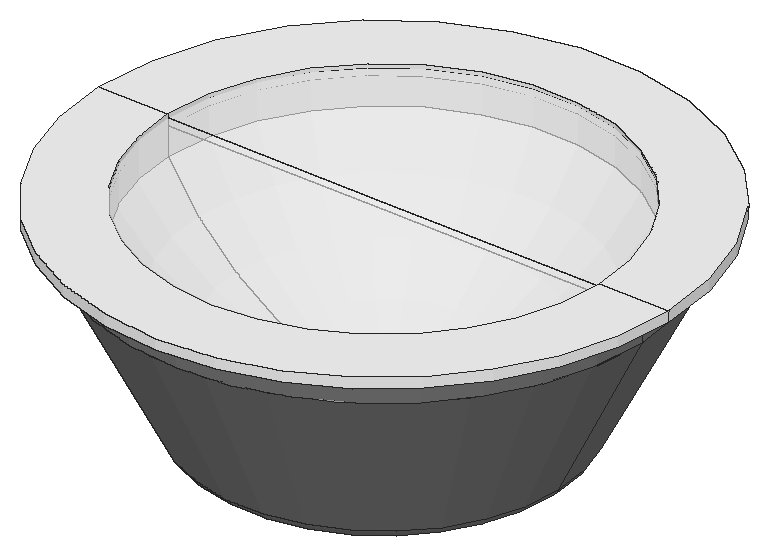
Revit family "30533", category Lighting Fixtures, host Face, Revit 2018
Family settings
  Host = Face
  Round Connector Dimension = Use Diameter
  Part Type = Normal
  OmniClass Number = 23.80.70.00
  OmniClass Title = Lighting
  Cut with Voids When Loaded = No
  Light Source = Yes
  Shared = No
  Room Calculation Point = No
Parameters (values of type "0030533 INSAVER SL IP65 225 MULTI4150-4950840")
  WidthBezel_SYL = if(Size1_SYL, 20 mm, if(Size2_SYL, 20 mm, if(Size3PIR_SYL, 30 mm, if(Size4_SYL, 20 mm, 20 mm))))  # 20 mm
  Weight = "n/a"
  Wattage Comments = ""
  Wattage = 12 W
  WarrantyStartDate [instance] = "n/a"
  WarrantyGuarantorParts = "n/a"
  WarrantyDurationUnit = "n/a"
  WarrantyDurationParts = ""
  WarrantyDescription = "http://www.sylvania-lighting.com"
  built-in parameter 1150110 = 1 (stored number, unit not read)
  Voltage = 230 V
  VisibilityPIR_SYL = Size3PIR_SYL  # no
  URL = "0.9"
  TypeName = "Insaver Slim IP65 225 Multi4150-4950lm 840"
  Type Image = <None>
  Type Comments = "n/a"
  built-in parameter 1114217 = 1 (stored number, unit not read)
  Tilt Angle = -90.00°
  built-in parameter 1150109 = 1 (stored number, unit not read)
  built-in parameter 1150134 = (empty or 0)
  built-in parameter 1150113 = 1 (stored number, unit not read)
  Size4_SYL = no
  Size3PIR_SYL = no
  Size2_SYL = no
  Size1_SYL = yes
  SerialNumber [instance] = "n/a"
  RadiusTop_SYL = 6 mm
  RadiusReflector_SYL = if(Size1_SYL, 85 mm, if(Size2_SYL, 85 mm, if(Size3PIR_SYL, 85 mm, if(Size4_SYL, 100 mm, 120 mm))))  # 85 mm
  Photometric Web File = "0030533.IES"
  Material_3_FEILO = Top-Sylvania-STARTDownlight
  PowerFactor = 0.9
  PowerConsumption = "Lighting"
  NominalLength = 165 mm
  NominalHeight = 50 mm
  NominalDepth = 165 mm
  Name = "Insaver Slim IP65 225 Multi4150-4950lm 840"
  ModelReference = Name  # "Insaver Slim IP65 225 Multi4150-4950lm 840"
  ModelNumber = "0030533"
  Model = Name  # "Insaver Slim IP65 225 Multi4150-4950lm 840"
  Material = "Feilo Sylvania"
  ManufacturerName = "121 lm/W"
  Manufacturer = ""
  LuminousEfficacy = ""
  built-in parameter 1150105 = 31.446 (stored number, unit not read)
  Lumens = 395.16 lm
  LuminaireType = "0"
  built-in parameter 1150115 = 1 (stored number, unit not read)
  LightOutputRatio = "LED"
  built-in parameter 1150137 = (empty or 0)
  built-in parameter 1150139 = (empty or 0)
  LampsType = Lamp  # "n/a"
  LampNominalLuminous = "4000 K"
  LampMacAdamStep = "80"
  LampColourTemperature = "LED"
  LampColourRenderingIndex = "16500"
  built-in parameter 1150112 = 1 (stored number, unit not read)
  built-in parameter 1150114 = 1 (stored number, unit not read)
  Lamp = "n/a"
  Keynote = "n/a"
  InstallationDate [instance] = "n/a"
  InputVoltage = "0"
  InputNominalFrequency = "4000"
  built-in parameter 1150132 = (empty or 0)
  built-in parameter 1150102 = (empty or 0)
  built-in parameter 1150107 = 3000 (stored number, unit not read)
  built-in parameter 1150138 = (empty or 0)
  IngressProtection = "IfcLightFixtureType"
  ImpactProtectionIndex = "IfcLightFixtureType"
  built-in parameter 1150106 = 0.31446 (stored number, unit not read)
  IfcExportType = "IfcLightFixtureType"
  IfcExportAs = "Class II"
  Height_SYL = if(Size1_SYL, 61 mm, if(Size2_SYL, 61 mm, if(Size3PIR_SYL, 61 mm, if(Size4_SYL, 61 mm, 60 mm))))  # 61 mm
  HeightBezel_SYL = if(Size1_SYL, 3 mm, if(Size2_SYL, 3 mm, if(Size3PIR_SYL, 3 mm, if(Size4_SYL, 3.2 mm, 3 mm))))  # 3 mm
  ExpectedLife = 50000
  Emit from Circle Diameter = Diameter_SYL - 40 mm  # 125 mm
  Emit Shape Visible in Rendering = no
  ElectricShockClassification = "121"
  built-in parameter 1150104 = 3.0593 (stored number, unit not read)
  DurationUnit = "hours"
  DocumentationLiterature = "http://www.sylvania-lighting.com/product/en-int/products/0030533"
  DimmingControlOptions = "n/a"
  Material_2_FEILO = Diffuser-Sylvania-STARTDownlight
  Dimming Lamp Color Temperature Shift = <None>
  Diameter_SYL = if(Size1_SYL, 165 mm, if(Size2_SYL, 190 mm, if(Size3PIR_SYL, 211 mm, if(Size4_SYL, 220 mm, 240 mm))))  # 165 mm
  DiameterTop_SYL = if(Size1_SYL, 98 mm, if(Size2_SYL, 122 mm, if(Size3PIR_SYL, 120 mm, if(Size4_SYL, 135 mm, 158 mm))))  # 98 mm
  DiameterTopBase_SYL = DiameterRecess_SYL  # 150 mm
  DiameterRecess_SYL = if(Size1_SYL, 150 mm, if(Size2_SYL, 170 mm, if(Size3PIR_SYL, 186 mm, if(Size4_SYL, 200 mm, 225 mm))))  # 150 mm
  Description = "Insaver Slim is a ceiling recessed LED downlight (IP65 from the front and back),Die-cast aluminium body, loop in loop out connector for quick installation, Non dimmable LED driver, 41W; 4950lm; 121lm/W; 4000K; UGR <22 with shallow product depth 65mm. IK07 for the fixture, IK03 for the IP driver box. When using with EM kit (0046600& 0046601), protection IP65  kept only from the front. Meets TP(a) requirements."
  Default Elevation = 1219.2 mm
  CreatedOn = "05/03/2024"
  CreatedBy = "@sylvania-lighting.com"
  Cost = 0
  Color Filter = 16777215
  built-in parameter 1114216 [instance] = (empty or 0)
  ClassificationValue = "EF_70_80"
  ClassificationName = "Uniclass2015"
  Material_1_FEILO = Trim-Sylvania-STARTDownlight-White
  BarCode [instance] = "n/a"
  built-in parameter 1114218 = 1 (stored number, unit not read)
  built-in parameter 1150133 = 10 (stored number, unit not read)
  AssetType = "Fixed"
  AssetIdentifier [instance] = "n/a"
  Assembly Code = "D5020200"
  Apparent Load = 41 VA
  Material_4_FEILO = LED-Sylvania-STARTDownlight
Reference planes
  plane 1 "Center (Front/Back)": y = 0
  plane 2: z = 0
  plane 3 "Center (Left/Right)": x = 0
  plane 4: x = 82.5
  plane 5: x = -82.5
  plane 6: z = 3
  plane 7: z = -8
  plane 8: z = -58
  plane 9: x = -75
  plane 10: x = 75
  plane 11: x = -49
  plane 12: x = 49
  plane 13: z = -85
  plane 14: x = -62.5
  plane 15: z = 2
  plane 16: z = -46
  plane 17: x = -16
  plane 18: x = -67.5
  plane 19: x = -81.5
  plane 20: x = -99.5
  plane 21: x = -76.5
  plane 22: z = 5.5
  plane 23: z = 8.7
  plane 24: x = -75.5
  plane 25: z = 13.7
Forms (mm)
  Revolve 1, void
    sketch origin (0, 0, 0) x (1, 0, 0) y (0, 0, 1)
      loop
        line (0, 0) -> (-75, 0) -> (-75, -85) -> (0, -85) -> (0, 0)
      axis (0, 0) -> (0, -85)
    angle from 360 to 0
  Revolve 2, solid, material "Trim-Sylvania-STARTDownlight-White" <- "Material_1_FEILO"
    sketch origin (0, 0, 0) x (1, 0, 0) y (0, 0, 1)
      loop
        line (-62.5, 3) -> (-82.5, 3) -> (-82.5, 0) -> (-75, 0) -> (-75, -8) -> (-50.681, -54.768)
        arc (-50.681, -54.768) -> (-48.471, -57.129) -> (-45.357, -58) r 6
        line (-45.357, -58) -> (0, -58) -> (0, -46) -> (-16, -46)
        arc (-16, -46) -> (-42.718, -31.243) -> (-62.5, -8) r 85
        line (-62.5, -8) -> (-62.5, 3)
      axis (0, 3) -> (0, -58)
    angle from 360 to 0
  Revolve 3, solid, material "Diffuser-Sylvania-STARTDownlight" <- "Material_2_FEILO"
    sketch origin (0, 0, 0) x (1, 0, 0) y (0, 0, 1)
      loop
        line (-62.5, 0) -> (0, 0) -> (0, 2) -> (-62.5, 2) -> (-62.5, 0)
      axis (0, 2) -> (0, 0)
    angle from 360 to 0
  Revolve 4, solid, material "Trim-Sylvania-STARTDownlight-White" <- "Material_1_FEILO", visible <- "VisibilityPIR_SYL"
    sketch origin (0, 0, 0) x (1, 0, 0) y (0, 0, 1)
      loop
        line (-67.5, 3) -> (-67.5, 13.7)
        arc (-67.5, 13.7) -> (-72.217, 12.347) -> (-75.5, 8.7) r 8.9
        line (-75.5, 8.7) -> (-75.5, 5.5) -> (-76.5, 5.5) -> (-76.5, 3) -> (-67.5, 3)
      axis (-67.5, 13.7) -> (-67.5, 3)
    angle from 360 to 0
Dimensions and locks
  equal spacing: plane 4, plane 3 "Center (Left/Right)", plane 5
  "Diameter_SYL": plane 4 to plane 5
  equal spacing: plane 10, plane 3 "Center (Left/Right)", plane 9
  equal spacing: plane 12, plane 3 "Center (Left/Right)", plane 11
  "DiameterTop_SYL": plane 12 to plane 11
  "HeightBezel_SYL": plane 6 to plane 2
  "Height_SYL": plane 6 to plane 8
  locked: plane 2 to plane 7 at 8
  locked: plane 2 to plane 13 at 85
  "WidthBezel_SYL": plane 14 to plane 5
  locked: plane 6 to plane 15 at 1
  "DiameterRecess_SYL": plane 10 to plane 9
  locked: plane 3 "Center (Left/Right)" to plane 17 at 16
  locked: plane 16 to plane 8 at 12
  locked: plane 18 to plane 21 at 9
  locked: plane 22 to plane 6 at 2.5
  locked: plane 23 to plane 22 at 3.2
  locked: plane 18 to plane 24 at 8
  locked: plane 25 to plane 23 at 5
  locked: plane 25 to Revolve 4 sketch curve at 8.9
  locked: plane 18 to plane 5 at 15
  "RadiusReflector_SYL": radius of Revolve 2 sketch curve
  "RadiusTop_SYL": radius of Revolve 2 sketch curve
  aligned and locked: plane 2 to host face
  aligned and locked: level to host face
  aligned and locked: Revolve 1 sketch curve to plane 3 "Center (Left/Right)"
  aligned and locked: plane 3 "Center (Left/Right)" to Revolve 1 sketch curve
  aligned and locked: Revolve 1 sketch curve to plane 9
  aligned and locked: plane 13 to Revolve 1 sketch curve
  aligned and locked: plane 3 "Center (Left/Right)" to imposter light
  aligned and locked: imposter light to plane 15
  aligned and locked: imposter light to plane 1 "Center (Front/Back)"
  aligned and locked: Revolve 2 sketch curve to plane 3 "Center (Left/Right)"
  aligned and locked: Revolve 2 sketch curve to plane 6
  aligned and locked: Revolve 2 sketch curve to plane 5
  aligned and locked: Revolve 2 sketch curve to level
  aligned and locked: plane 7 to Revolve 2 sketch curve  (x2)
  aligned and locked: Revolve 2 sketch curve to plane 9
  aligned and locked: plane 8 to Revolve 2 sketch curve
  aligned and locked: Revolve 2 sketch curve to plane 14
  aligned and locked: plane 3 "Center (Left/Right)" to Revolve 2 sketch curve
  aligned and locked: Revolve 2 sketch curve to plane 16
  aligned and locked: Revolve 3 sketch curve to plane 3 "Center (Left/Right)"
  aligned and locked: Revolve 3 sketch curve to level
  aligned and locked: imposter light to Revolve 3 sketch curve  (x2)
  aligned and locked: Revolve 4 sketch curve to plane 18  (x2)
  aligned and locked: Revolve 4 sketch curve to plane 6
  aligned and locked: plane 22 to Revolve 4 sketch curve
  aligned and locked: plane 24 to Revolve 4 sketch curve
  aligned and locked: Revolve 4 sketch curve to Revolve 4 sketch curve
  aligned and locked: plane 21 to Revolve 4 sketch curve
Automatic sketch dimensions
  host sketch curve to host sketch curve = 2438.4 mm  (x2)
  plane 13 to Revolve 1 sketch curve = 524.6 mm
  Revolve 1 sketch curve to plane 6 = 2606.058 mm
  Revolve 1 sketch curve to level = 0 mm
  Revolve 2 sketch curve to plane 17 = 0 mm
  Revolve 2 sketch curve to plane 11 = 1.681 mm
  plane 11 to Revolve 2 sketch curve = 3.643 mm
  plane 13 to Revolve 2 sketch curve = 524.6 mm
  Revolve 2 sketch curve to Revolve 2 sketch curve = 2577.983 mm
  Revolve 3 sketch curve to plane 14 = 0 mm
  plane 13 to Revolve 3 sketch curve = 524.6 mm
  Revolve 3 sketch curve to plane 6 = 2606.058 mm
  Revolve 4 sketch curve to plane 23 = 0 mm
  plane 13 to Revolve 4 sketch curve = 524.6 mm
  Revolve 4 sketch curve to Revolve 4 sketch curve = 2595.358 mm
Connectors
  electrical at (0, 0, 0), driven by "Apparent Load", driven by "PowerFactor", driven by "Voltage"
    settings: index 1, voltage 230 V, apparent load 41 VA, apparent load phase1 0 VA, apparent load phase2 0 VA, apparent load phase3 0 VA, power factor 0.9, load classification "Lighting", number of poles 1, system type 30, power factor state 1, is connector primary yes, connector utility no, sub classification motor no, connector description ""
